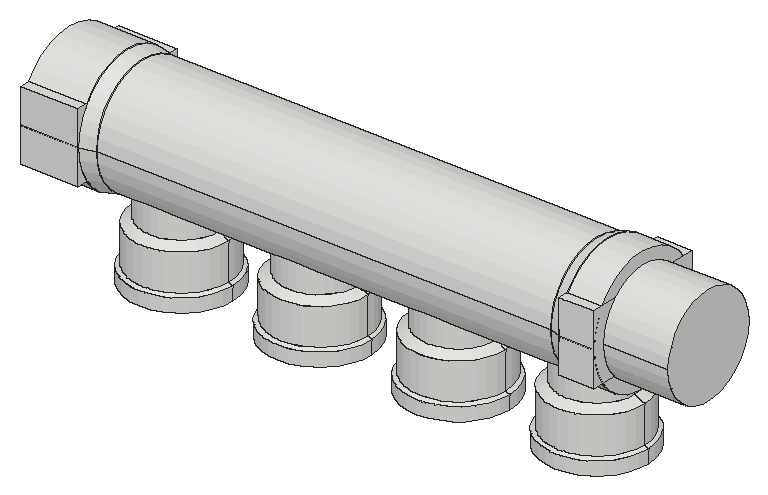
Revit family "VTc.550.N", category Арматура трубопроводов, Revit 2019
Family settings
  Размер круглого соединителя = Использовать диаметр
  Тип детали = Клапан - Вставляется
  На основе рабочей плоскости = Нет
  Всегда вертикально = Да
  При загрузке вырезать с полостями = Нет
  Общий = Нет
Parameters
  Таблица [instance] = "VTc.550.N"
  С [instance] = 36 mm  # constant formula
  Ошибка [instance] = if(L < 90 mm, "Ошибка", "")  # ""
  Количество выпусков [instance] = 4
  Изготовитель = "VALTEC"
  Группа модели = "Коллекторы для воды"
  z [instance] = size_lookup(Таблица, "z", n2, Du)  # 18 mm
  y [instance] = size_lookup(Таблица, "y", n2, Du)  # 4 mm
  u [instance] = size_lookup(Таблица, "u", n2, Du)  # 3 mm
  n3 [instance] = n2 / 1 mm  # 4
  n2 [instance] = if(and(Количество выпусков = 2, Du = 20 mm), 2 mm, if(and(Количество выпусков < 2, Du = 20 mm), 2 mm, if(and(Количество выпусков < 3, Du = 20 mm), 3 mm, if(and(Количество выпусков = 4, Du = 20 mm), 4 mm, if(and(Количество выпусков = 2, Du = 25 mm), 2 mm, if(and(Количество выпусков < 2, Du = 25 mm), 2 mm, if(and(Количество выпусков < 3, Du = 25 mm), 3 mm, if(and(Количество выпусков = 4, Du = 25 mm), 4 mm, Количество выпусков * 1 mm))))))))  # 4 mm
  ms [instance] = size_lookup(Таблица, "ms", n2, Du)  # 388 mm
  du3 [instance] = 19 mm  # constant formula
  du2 [instance] = size_lookup(Таблица, "du2", n2, Du)  # 24 mm
  du1 [instance] = size_lookup(Таблица, "du1", n2, Du)  # 26 mm
  d2 [instance] = size_lookup(Таблица, "d2", n2, Du)  # 32 mm
  d1 [instance] = size_lookup(Таблица, "d1", n2, Du)  # 30 mm
  b [instance] = size_lookup(Таблица, "b", n2, Du)  # 9 mm
  a [instance] = size_lookup(Таблица, "a", n2, Du)  # 32 mm
  URL = "https://valtec.ru/"
  Lu [instance] = size_lookup(Таблица, "Lu", n2, Du)  # 17 mm
  L [instance] = size_lookup(Таблица, "L", 0 mm, Du, n2)  # 166 mm
  H [instance] = size_lookup(Таблица, "H", n2, Du)  # 33 mm
  Du [instance] = 20 mm
  ADSK_Позиция [instance] = ""
  ADSK_Обозначение [instance] = "VTc.550.N"  # constant formula
  ADSK_Наименование [instance] = size_lookup(Таблица, "", "Данный типоразмер отсутствует", Du)  # "Коллектор с внутренней резьбой 3/4\", 4 х 1/2\""
  ADSK_Материал [instance] = Латунь
  ADSK_Масса [instance] = ms / 1000 mm  # 0.388
  ADSK_Код изделия [instance] = size_lookup(Таблица, "Код продукта", "Данный типоразмер отсутствует", Du, n2)  # "VTc.550.N.0502"
  ADSK_Завод-изготовитель [instance] = Изготовитель  # "VALTEC"
  ADSK_Единица измерения [instance] = "шт."  # constant formula
  ADSK_URL страницы изделия [instance] = "https://valtec.ru/catalog/kollektornye_sistemy/kollektory_dlya_vody/kollektor_s_vnutrennej_rezboj_vtc550n.html"
  ADSK_URL документации изделия [instance] = "https://valtec.ru/document/technical/VTc.500-550-1116.pdf"
Reference planes
  plane 1 "По центру (Вперед/Назад)": y = 0
  plane 2: z = 0
  plane 3 "По центру (Влево/Вправо)": x = 0
  plane 4: x = -83
  plane 5: x = -68
  plane 6: x = -64
  plane 7: x = 54
  plane 8: x = 57
  plane 9: z = 9
  plane 10: z = -9
  plane 11: y = 16
  plane 12: y = -16
  plane 13: through (4267.2, 0, 0) normal (0, -0.7071, -0.7071)
  plane 14: through (4267.2, 0, 0) normal (0, -0.7071, 0.7071)
  plane 15: through (4267.2, -15.815, -6.812) normal (0, 0.7071, 0.7071)
  plane 16: through (4267.2, 11.002, -11.625) normal (0, -0.7071, 0.7071)
  plane 17: through (4267.2, -8.591, 14.036) normal (0, 0.7071, -0.7071)
  plane 18: through (4267.2, 6.812, 15.815) normal (0, 0.7071, 0.7071)
  plane 19: y = 16
  plane 20: y = -16
  plane 21: z = 16
  plane 22: z = -16
  plane 23: x = 83
  plane 24: z = -33
  plane 25: x = 66
  plane 26: x = -54
  plane 27: x = -18
  plane 28: x = 18
  plane 29: x = 54
Forms (mm)
  Extrusion 1, solid, material "Латунь" <- "ADSK_Материал", detail levels medium+fine
    sketch origin (0, 0, 0) x (0, 1, 0) y (0, 0, 1)
      loop
        circle (0, 0) r 15
    from -64 to 54
  Extrusion 2, solid, material "Латунь" <- "ADSK_Материал", detail levels medium+fine
    sketch origin (0, 0, 0) x (0, 1, 0) y (0, 0, 1)
      loop
        circle (0, 0) r 16
    from -83 to -68
  Blend 3, solid, material "Латунь" <- "ADSK_Материал", detail levels medium+fine
    base sketch origin (0, 0, 0) x (0, 1, 0) y (0, 0, 1)
      loop
        circle (0, 0) r 16
    top sketch origin (0, 0, 0) x (0, 1, 0) y (0, 0, 1)
      loop
        circle (0, 0) r 15
    from -68 to -64
  Extrusion 4, solid, material "Латунь" <- "ADSK_Материал", detail levels medium+fine
    sketch origin (0, 0, 0) x (1, 0, 0) y (0, 0, 1)
      loop
        line (-83, 9) -> (-83, -9) -> (-68, -9) -> (-68, 9) -> (-83, 9)
    from -16 to 16
  Blend 5, solid, material "Латунь" <- "ADSK_Материал", detail levels medium+fine
    base sketch origin (0, 0, 0) x (0, 1, 0) y (0, 0, 1)
      loop
        circle (0, 0) r 15
    top sketch origin (0, 0, 0) x (0, 1, 0) y (0, 0, 1)
      loop
        circle (0, 0) r 16
    from 54 to 57
  Extrusion 6, solid, material "Латунь" <- "ADSK_Материал", detail levels medium+fine
    sketch origin (0, 0, 0) x (0, 1, 0) y (0, 0, 1)
      loop
        circle (0, 0) r 16
    from 57 to 66
  Extrusion 7, solid, material "Латунь" <- "ADSK_Материал", detail levels medium+fine
    sketch origin (0, 0, 0) x (0, 1, 0) y (0, 0, 1)
      loop
        circle (0, 0) r 13
    from 66 to 83
  Extrusion 8, solid, material "Латунь" <- "ADSK_Материал", detail levels medium+fine
    sketch origin (0, 0, 0) x (1, 0, 0) y (0, 0, 1)
      loop
        line (57, 9) -> (57, -9) -> (66, -9) -> (66, 9) -> (57, 9)
    from -16 to 16
Dimensions and locks
  "y": plane 5 to plane 6
  "u": plane 7 to plane 8
  equal spacing: plane 9, level, plane 10
  "z": plane 9 to plane 10
  equal spacing: plane 11, plane 1 "По центру (Вперед/Назад)", plane 12
  "a": plane 11 to plane 12
  equal spacing: plane 18, plane 13, plane 15
  equal spacing: plane 16, plane 14, plane 17
  equal spacing: plane 21, level, plane 22
  equal spacing: plane 20, plane 1 "По центру (Вперед/Назад)", plane 19
  "a": plane 18 to plane 15
  "a": plane 20 to plane 19
  "a": plane 16 to plane 17
  "a": plane 21 to plane 22
  "H": level to plane 24
  "L": plane 4 to plane 23
  equal spacing: plane 4, plane 3 "По центру (Влево/Вправо)", plane 23
  plane 4 to plane 5 = 15 mm
  "b": plane 8 to plane 25
  "Lu": plane 25 to plane 23
  equal spacing: Extrusion 8 sketch curve, level, Extrusion 8 sketch curve
  "z": Extrusion 8 sketch curve to Extrusion 8 sketch curve
  locked: plane 26 to plane 4 at 29
  equal spacing: group 2, group 5, group 7, group 9  (x3)
  "С": plane 27 to plane 26
  "d1": diameter of Extrusion 1 sketch curve
  "d2": diameter of Extrusion 2 sketch curve
  "d2": diameter of Blend 3 sketch curve
  "d1": diameter of Blend 3 sketch curve
  "d1": diameter of Blend 5 sketch curve
  "a": diameter of Blend 5 sketch curve
  "d2": diameter of Extrusion 6 sketch curve
  "du1": diameter of Extrusion 7 sketch curve
  aligned and locked: level to plane 2
  aligned and locked: plane 1 "По центру (Вперед/Назад)" to Extrusion 1 sketch curve
  aligned and locked: level to Extrusion 1 sketch curve
  aligned and locked: Extrusion 1 to plane 6
  aligned and locked: plane 7 to Extrusion 1
  aligned and locked: plane 5 to Extrusion 2
  aligned and locked: plane 1 "По центру (Вперед/Назад)" to Blend 3 sketch curve  (x2)
  aligned and locked: level to Blend 3 sketch curve  (x2)
  aligned and locked: Blend 3 to plane 5
  aligned and locked: plane 6 to Blend 3
  aligned and locked: Extrusion 4 sketch curve to plane 9
  aligned and locked: Extrusion 4 sketch curve to plane 5
  aligned and locked: plane 10 to Extrusion 4 sketch curve
  aligned and locked: plane 11 to Extrusion 4
  aligned and locked: Extrusion 4 to plane 12
  aligned and locked: plane 1 "По центру (Вперед/Назад)" to Blend 5 sketch curve  (x2)
  aligned and locked: level to Blend 5 sketch curve  (x2)
  aligned and locked: Blend 5 to plane 7
  aligned and locked: plane 8 to Blend 5
  aligned and locked: Extrusion 2 to plane 4
  aligned and locked: Extrusion 4 to plane 4
  aligned and locked: plane 1 "По центру (Вперед/Назад)" to Extrusion 6 sketch curve
  aligned and locked: level to Extrusion 6 sketch curve
  aligned and locked: Extrusion 6 to plane 8
  aligned and locked: plane 25 to Extrusion 6
  aligned and locked: plane 1 "По центру (Вперед/Назад)" to Extrusion 7 sketch curve
  aligned and locked: level to Extrusion 7 sketch curve
  aligned and locked: Extrusion 7 to plane 25
  aligned and locked: plane 23 to Extrusion 7
  aligned and locked: plane 8 to Extrusion 8 sketch curve
  aligned and locked: Extrusion 8 sketch curve to plane 25
  aligned and locked: Extrusion 8 to Extrusion 4
  aligned and locked: plane 12 to Extrusion 8
  aligned and locked: plane 26 to nested 1
  aligned and locked: plane 24 to nested 1
  aligned and locked: plane 1 "По центру (Вперед/Назад)" to nested 1
  aligned and locked: plane 27 to nested 3
  aligned and locked: plane 28 to nested 4
  aligned and locked: plane 29 to nested 5
Automatic sketch dimensions
  Extrusion 2 sketch curve to level = 0 mm
  Extrusion 2 sketch curve to plane 1 "По центру (Вперед/Назад)" = 0 mm
  plane 4 to Extrusion 4 sketch curve = 0 mm
Nested families
  nested 1: "550-выход" at (-54, 0, 0), type "550-выход", detail levels medium+fine
    with ADSK_Материал Латунь
  nested 2: "550-выход" at (-54, 0, 0), type "550-выход", not visible, detail levels medium+fine
    with ADSK_Материал Латунь
  nested 3: "550-выход" at (-18, 0, 0), type "550-выход", detail levels medium+fine
    with ADSK_Материал Латунь
  nested 4: "550-выход" at (18, 0, 0), type "550-выход", detail levels medium+fine
    with ADSK_Материал Латунь
  nested 5: "550-выход" at (54, 0, 0), type "550-выход", detail levels medium+fine
    with ADSK_Материал Латунь
Connectors
  piping at (-54, 0, -33), diameter 19, driven by "du3"
    settings: on nested 1, index 1, connector inside diameter 609.6 mm, connector length 0 mm, flow factor 0, pipe flow 0.0 L/s, pressure drop 0.0 Pa, fitting loss kfactor 0, connector angle 0.00°, fixture units 0, engagement length 0 mm, angle of deflection 0.00°, flow configuration 0, flow direction 0, fitting loss method 0, system type 7, joint type 0, gender type 0, connector reference index -1, connector utility 0, adjustable connector no, is connector primary yes, connector description ""
  piping at (-18, 0, -33), diameter 19, driven by "du3"
    settings: on nested 3, index 2, connector inside diameter 609.6 mm, connector length 0 mm, flow factor 0, pipe flow 0.0 L/s, pressure drop 0.0 Pa, fitting loss kfactor 0, connector angle 0.00°, fixture units 0, engagement length 0 mm, angle of deflection 0.00°, flow configuration 0, flow direction 0, fitting loss method 0, system type 7, joint type 0, gender type 0, connector reference index -1, connector utility 0, adjustable connector no, is connector primary no, connector description ""
  piping at (18, 0, -33), diameter 19, driven by "du3"
    settings: on nested 4, index 3, connector inside diameter 609.6 mm, connector length 0 mm, flow factor 0, pipe flow 0.0 L/s, pressure drop 0.0 Pa, fitting loss kfactor 0, connector angle 0.00°, fixture units 0, engagement length 0 mm, angle of deflection 0.00°, flow configuration 0, flow direction 0, fitting loss method 0, system type 7, joint type 0, gender type 0, connector reference index -1, connector utility 0, adjustable connector no, is connector primary no, connector description ""
  piping at (54, 0, -33), diameter 19, driven by "du3"
    settings: on nested 5, index 4, connector inside diameter 609.6 mm, connector length 0 mm, flow factor 0, pipe flow 0.0 L/s, pressure drop 0.0 Pa, fitting loss kfactor 0, connector angle 0.00°, fixture units 0, engagement length 0 mm, angle of deflection 0.00°, flow configuration 0, flow direction 0, fitting loss method 0, system type 7, joint type 0, gender type 0, connector reference index -1, connector utility 0, adjustable connector no, is connector primary no, connector description ""
  piping at (-83, 0, 0), diameter 24, driven by "du2"
    settings: on Extrusion 2, index 5, connector inside diameter 609.6 mm, connector length 0 mm, flow factor 0, pipe flow 0.0 L/s, pressure drop 0.0 Pa, fitting loss kfactor 0, connector angle 0.00°, fixture units 0, engagement length 0 mm, angle of deflection 0.00°, flow configuration 0, flow direction 0, fitting loss method 0, system type 7, joint type 0, gender type 0, connector reference index -1, connector utility 0, adjustable connector no, is connector primary no, connector description ""
  piping at (66, 0, 0), diameter 26, driven by "du1"
    settings: on Extrusion 7, index 6, connector inside diameter 609.6 mm, connector length 0 mm, flow factor 0, pipe flow 0.0 L/s, pressure drop 0.0 Pa, fitting loss kfactor 0, connector angle 0.00°, fixture units 0, engagement length 0 mm, angle of deflection 0.00°, flow configuration 0, flow direction 0, fitting loss method 0, system type 7, joint type 0, gender type 0, connector reference index -1, connector utility 0, adjustable connector no, is connector primary no, connector description ""
Definition of nested family "550-выход"
  Parameters (values of type "550-выход")
    H [instance] = 33 mm
    ADSK_Материал [instance] = none
  Reference planes
    plane 1 "По центру (Вперед/Назад)": y = 0
    plane 2: z = 0
    plane 3 "По центру (Влево/Вправо)": x = 0
  Forms (mm)
    Revolve 1, solid, material <- "ADSK_Материал"
      sketch origin (0, 0, 0) x (1, 0, 0) y (0, 0, 1)
        loop
          line (0, -33) -> (13.5, -33) -> (13.5, -29.5) -> (12.5, -28.923) -> (12.5, -19.443) -> (10, -18) -> (10, 0) -> (0, 0) -> (0, -33)
        axis (0, 0) -> (0, -33)
      angle from 0 to 360
  Dimensions and locks
    locked: Revolve 1 sketch curve to Revolve 1 sketch curve at 3.5
    locked: Revolve 1 sketch curve to Revolve 1 sketch curve at 13.557
    locked: Revolve 1 sketch curve to plane 3 "По центру (Влево/Вправо)" at 10
    locked: Revolve 1 sketch curve to plane 3 "По центру (Влево/Вправо)" at 12.5
    locked: Revolve 1 sketch curve to plane 3 "По центру (Влево/Вправо)" at 13.5
    "H": level to Revolve 1 sketch curve
    aligned and locked: level to plane 2
    aligned and locked: plane 3 "По центру (Влево/Вправо)" to Revolve 1 sketch curve
    aligned and locked: Revolve 1 sketch curve to plane 3 "По центру (Влево/Вправо)"
    aligned and locked: Revolve 1 sketch curve to plane 2
  Automatic sketch dimensions
    Revolve 1 sketch curve to Revolve 1 sketch curve = 0.577 mm
    Revolve 1 sketch curve to Revolve 1 sketch curve = 1.443 mm
    Revolve 1 sketch curve to Revolve 1 sketch curve = 333.545 mm
    level to Revolve 1 sketch curve = 2214.315 mm
